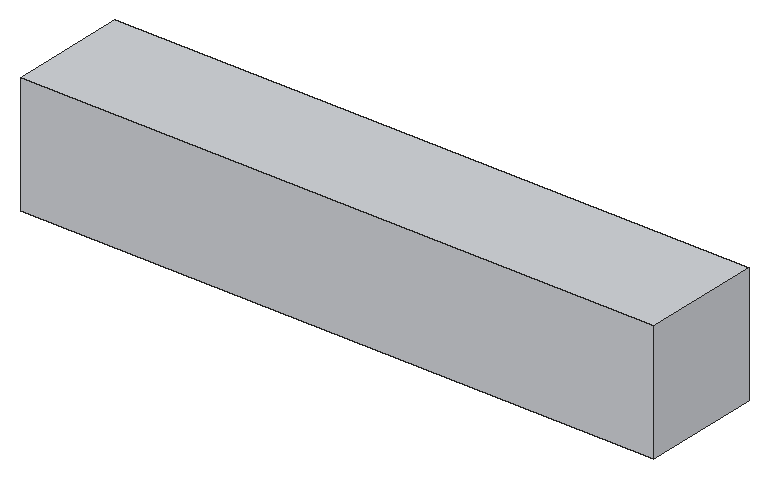
Revit family "設備サポート_I形", category Generic Models, host Face, Revit 2020
Family settings
  Host = Face
  Can host rebar = No
  Round Connector Dimension = Use Diameter
  Part Type = Normal
  Cut with Voids When Loaded = No
  Shared = No
  Room Calculation Point = No
Parameters
  長さ1 [instance] = 400 mm
  構造マテリアル [instance] = none
  Default Elevation = 1219.2 mm
  長さ2 [instance] = 75 mm
  幅1 [instance] = 75 mm
Reference planes
  plane 1 "中心(正面/背面)": y = 0
  plane 2: z = 0
  plane 3 "中心(左/右)": x = 0
Forms (mm)
  Extrusion 1, solid, material <- "構造マテリアル"
    sketch origin (0, 0, 0) x (1, 0, 0) y (0, 1, 0)
      loop
        line (-200, 37.5) -> (-200, -37.5) -> (200, -37.5) -> (200, 37.5) -> (-200, 37.5)
    from 0 to 75
Lines and regions (mm)
  reference lines
    curve 1: line (-200, -37.5, 0) -> (-200, 37.5, 0)
    curve 2: line (200, 37.5, 0) -> (200, -37.5, 0)
    curve 3: line (200, -37.5, 0) -> (-200, -37.5, 0)
    curve 4: line (-200, 37.5, 0) -> (200, 37.5, 0)
    curve 5: line (-480, 0, 0) -> (520, 0, 0)
    curve 6: line (-200, 0, 75) -> (200, 0, 75)
Dimensions and locks
  equal spacing: curve 4, plane 1 "中心(正面/背面)", curve 3
  equal spacing: curve 1, plane 3 "中心(左/右)", curve 2
  "幅1": curve 4 to curve 3
  "長さ1": curve 1 to curve 2
  "長さ2": curve 6 to curve 5
  equal spacing: curve 6, plane 3 "中心(左/右)", curve 6
  equal spacing: curve 3, plane 3 "中心(左/右)", curve 3
  "長さ1": curve 6 to curve 6
  "長さ1": curve 3 to curve 3
  aligned and locked: plane 2 to host face
  aligned and locked: level to host face
  aligned and locked: Extrusion 1 to curve 1  (x3)
  aligned and locked: Extrusion 1 to curve 2
  aligned and locked: Extrusion 1 to curve 6
Automatic sketch dimensions
  host sketch curve to host sketch curve = 2438.4 mm  (x2)
  Extrusion 1 sketch curve to plane 3 "中心(左/右)" = 200 mm
  plane 3 "中心(左/右)" to Extrusion 1 sketch curve = 200 mm
  plane 1 "中心(正面/背面)" to Extrusion 1 sketch curve = 37.5 mm
  Extrusion 1 sketch curve to plane 1 "中心(正面/背面)" = 37.5 mm
  curve 5 to level = 0 mm
  curve 5 to curve 6 = 280 mm
  curve 6 to curve 5 = 320 mm
